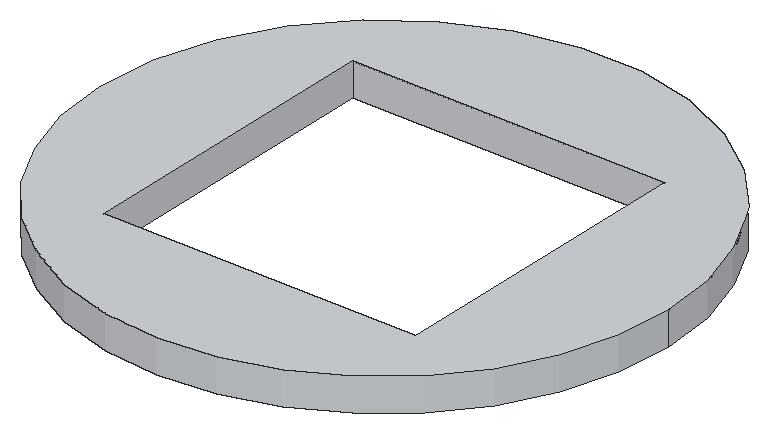
Revit family "Gira_0211130", category Electrical Fixtures, host Face, Revit 2017
Family settings
  Host = Face
  Maintain Annotation Orientation = No
  Round Connector Dimension = Use Diameter
  Part Type = Normal
  Cut with Voids When Loaded = No
  Shared = No
  Room Calculation Point = No
Parameters (values of type "Abdeckrahmen 1f Gira Studio G Weiß")
  Werkstoffgüte = "Echtglas"
  Werkstoff = "Glas"
  URL = "http://katalog.gira.de/de_DE/datenblatt.html?artikelnr=0211130"
  Transparent = "No"
  Textfeld/Beschriftungsfläche = "No"
  Schutzart (IP) = "IP20"
  Region = "DE"
  Oberfläche = "sonstige"
  Name = "Abdeckrahmen 1f Gira Studio G Weiß"
  Montagerichtung = "horizontal und vertikal"
  Mit Montagerahmen = "No"
  Mit Klappdeckel = "No"
  Manufacturer URL = "https://www.gira.de/"
  Keynote = "Studio_Rahmen_Abdeckplatte_1fach"
  HeinzeBIM = "https://bimportal.heinze.de/bim/abdeckrahmen-1f-gira-studio-g-weiss/8fd18026295874173df67c8256549fc7cb7396a5"
  Halogenfrei = "No"
  HAN = "0211130"
  Geeignet für Unterputz-Installation = "Yes"
  Geeignet für Unterflurkanaldose = "No"
  Geeignet für Geräteeinbaukanal = "No"
  Geeignet für Einbauinstallation = "No"
  GTIN = "4010337045557"
  Farbe = "weiß"
  Default Elevation = 1219.2 mm
  Data sheet (1) = "https://katalog.gira.de/de_DE/download.html?artikelnr=0211130"
  Category = "Abdeckrahmen"
  Befestigungsart = "Klemmbefestigung"
  BIM (1) = "https://media.live.bim.site/public/gira/9fde4c0/Studio_Rahmen_Abdeckplatte_1fach.rfa"
  Available = "Yes"
  Ausführung der Oberfläche = "glänzend"
  Anzahl der Einheiten vertikal = "1 "
  Anzahl der Einheiten horizontal = "1 "
  Anzahl der Einheiten = "1 "
Reference planes
  plane 1 "Center (Front/Back)": y = 0
  plane 2: z = 0
  plane 3 "Center (Left/Right)": x = 0
Forms (mm)
  Extrusion 1, solid, detail levels fine
    sketch origin (0, 0, 0) x (1, 0, 0) y (0, 1, 0)
      loop
        circle (0, 0) r 51.5
      loop
        line (28.2, 28.2) -> (-28.2, 28.2) -> (-28.2, -28.2) -> (28.2, -28.2) -> (28.2, 28.2)
    from 0 to 6
  Extrusion 2, solid, detail levels medium
    sketch origin (0, 0, 0) x (1, 0, 0) y (0, 1, 0)
      loop
        circle (0, 0) r 51.5
    from 0 to 6
  Extrusion 3, solid, detail levels coarse
    sketch origin (0, 0, 0) x (1, 0, 0) y (0, 1, 0)
      loop
        line (51.5, 51.5) -> (-51.5, 51.5) -> (-51.5, -51.5) -> (51.5, -51.5) -> (51.5, 51.5)
    from 0 to 6
Dimensions and locks
  aligned and locked: plane 2 to host face
  aligned and locked: level to host face
